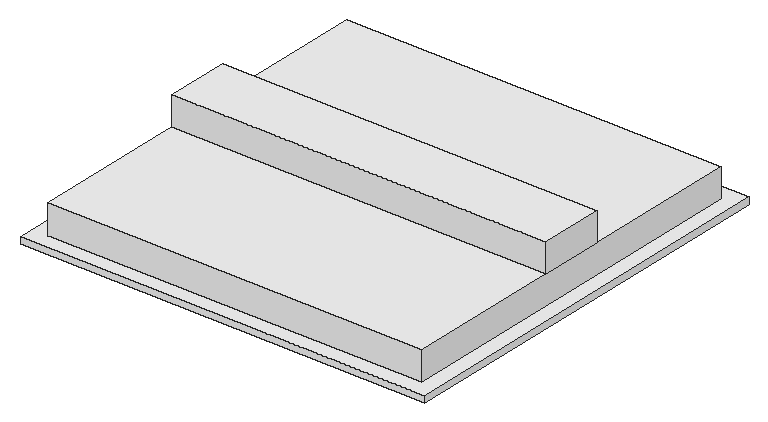
Revit family "DiLED III - Generic_3", category Lighting Fixtures, Revit 2012
Parameters (values of type "600x600 - 4000K")
  Wattage Comments = ""
  Wattage = 42 W
  built-in parameter 1150110 = 1 (stored number, unit not read)
  Voids Angle = 0.00°
  URL = "www.riegens.co.uk"
  Transformer Thickness = 42.40 mm
  Transformer Offset 2 = 228.60 mm
  Transformer Offset 1 = 228.60 mm
  Transformer = Powdercoated Steel (White)
  built-in parameter 1114217 = 1 (stored number, unit not read)
  Tilt Angle = 90.00°
  built-in parameter 1150109 = 1 (stored number, unit not read)
  built-in parameter 1150134 = 12
  built-in parameter 1150113 = 1 (stored number, unit not read)
  Photometric Web File = "8246075749_DiLEDIIIG2600x600TL152442WLED4000KCDOpal-11016.ies"
  Model = "DiLED III"
  Manufacturer = "Riegens Lighting"
  built-in parameter 1150105 = 2211.6 (stored number, unit not read)
  Lumens = 6238.76 lm
  built-in parameter 1150115 = 1 (stored number, unit not read)
  built-in parameter 1150137 = (empty or 0)
  built-in parameter 1150139 = (empty or 0)
  built-in parameter 1150112 = 1 (stored number, unit not read)
  built-in parameter 1150114 = 1 (stored number, unit not read)
  Lamp = ""
  built-in parameter 1150132 = (empty or 0)
  built-in parameter 1150102 = (empty or 0)
  built-in parameter 1150107 = 4000 (stored number, unit not read)
  built-in parameter 1150138 = (empty or 0)
  built-in parameter 1150106 = 22.116 (stored number, unit not read)
  Glass Width = 549.00 mm
  Glass Thickness = 2.00 mm
  Glass Depth = 549.00 mm
  Glass = Lamp Glass (Opal)
  Frame Width = 595.00 mm
  Frame Thickness = 9.60 mm
  Frame Depth = 595.00 mm
  Frame = Powdercoated Steel (White)
  Emit from Rectangle Width = Frame Width  # 595.00 mm
  Emit from Rectangle Length = Frame Depth  # 595.00 mm
  Emit Shape Visible in Rendering = no
  built-in parameter 1150104 = 13.8 (stored number, unit not read)
  Dimming Lamp Color Temperature Shift = <None>
  Color Filter = 16777215
  Clearance Zones Offset = 60.00 mm
  Clearance Zones = no
  Cassette Width = 550.00 mm
  Cassette Thickness = 42.40 mm
  Cassette Depth = 550.00 mm
  Cassette = Powdercoated Steel (White)
  built-in parameter 1114218 = 1 (stored number, unit not read)
  built-in parameter 1150133 = 10 (stored number, unit not read)
  Assembly Code = "D5020200"
  Apparent Load = 240 VA
Types (9, lengths in mm): name | Voids Angle | Transformer Thickness | Transformer Offset 2 | Transformer Offset 1 | built-in parameter 1150134 | Photometric Web File | Manufacturer | built-in parameter 1150105 | built-in parameter 1150107 | built-in parameter 1150106 | Glass Width | Glass Depth | Frame Width | Frame Thickness | Frame Depth | Emit from Rectangle Width | Emit from Rectangle Length | Clearance Zones | Cassette Width | Cassette Thickness | Cassette Depth
  (no name) | 0.00° | 42.40 | 228.60 | 228.60 | 12 | "8246075749_DiLEDIIIG2600x600TL152442WLED4000KCDOpal-11016.ies" | "Riegens Lighting" | 2211.6 (stored number, unit not read) | 4000 (stored number, unit not read) | 22.116 (stored number, unit not read) | 549.00 | 549.00 | 595.00 | 9.60 | 595.00 | 595.00 | 595.00 | no | 550.00 | 42.40 | 550.00
  300x300 - 3000K | 0.00° | 38.00 | 146.80 | 0.00 | (empty or 0) | "8246075684_DiLEDIIIG2600x600TL152442WLED3000KCDOpal-11002.ies" | "Riegens Lighting" | 496.46 (stored number, unit not read) | 3000 (stored number, unit not read) | 4.9646 (stored number, unit not read) | 272.00 | 272.00 | 295.00 | 10.00 | 295.00 | 295.00 | 295.00 | yes | 276.00 | 38.75 | 276.00
  300x1200 - 3000K | 33.00° | 36.00 | 275.00 | 275.00 | (empty or 0) | "8246075684_DiLEDIIIG2600x600TL152442WLED3000KCDOpal-11002.ies" | "Riegens Ligthing" | 2211.6 (stored number, unit not read) | 3000 (stored number, unit not read) | 22.116 (stored number, unit not read) | 247.00 | 1147.00 | 295.00 | 9.55 | 1195.00 | 295.00 | 1195.00 | yes | 274.00 | 40.20 | 1150.00
  625x625 - 3000K | 0.00° | 42.40 | 229.00 | 229.00 | (empty or 0) | "8246075684_DiLEDIIIG2600x600TL152442WLED3000KCDOpal-11002.ies" | "Riegens Lighting" | 2211.6 (stored number, unit not read) | 3000 (stored number, unit not read) | 22.116 (stored number, unit not read) | 550.00 | 550.00 | 620.00 | 9.60 | 620.00 | 620.00 | 620.00 | yes | 550.00 | 42.40 | 550.00
  600x600 - 3000K | 0.00° | 42.40 | 228.60 | 228.60 | (empty or 0) | "8246075684_DiLEDIIIG2600x600TL152442WLED3000KCDOpal-11002.ies" | "Riegens Ligthing" | 2211.6 (stored number, unit not read) | 3000 (stored number, unit not read) | 22.116 (stored number, unit not read) | 549.00 | 549.00 | 595.00 | 9.60 | 595.00 | 595.00 | 595.00 | yes | 550.00 | 42.40 | 550.00
  300x300 - 4000K | 0.00° | 38.00 | 146.80 | 0.00 | 12 | "8246075749_DiLEDIIIG2600x600TL152442WLED4000KCDOpal-11016.ies" | "Riegens Lighting" | 2211.6 (stored number, unit not read) | 4000 (stored number, unit not read) | 22.116 (stored number, unit not read) | 272.00 | 272.00 | 295.00 | 10.00 | 295.00 | 295.00 | 295.00 | yes | 276.00 | 38.75 | 276.00
  300x1200 - 4000K | 33.00° | 36.00 | 275.00 | 275.00 | 12 | "8246075749_DiLEDIIIG2600x600TL152442WLED4000KCDOpal-11016.ies" | "Riegens Lighting" | 2211.6 (stored number, unit not read) | 4000 (stored number, unit not read) | 22.116 (stored number, unit not read) | 247.00 | 1147.00 | 295.00 | 9.55 | 1195.00 | 295.00 | 1195.00 | yes | 274.00 | 40.20 | 1150.00
  600x600 - 4000K | 0.00° | 42.40 | 228.60 | 228.60 | 12 | "8246075749_DiLEDIIIG2600x600TL152442WLED4000KCDOpal-11016.ies" | "Riegens Lighting" | 2211.6 (stored number, unit not read) | 4000 (stored number, unit not read) | 22.116 (stored number, unit not read) | 549.00 | 549.00 | 595.00 | 9.60 | 595.00 | 595.00 | 595.00 | no | 550.00 | 42.40 | 550.00
  625x625 - 4000K | 0.00° | 42.40 | 229.00 | 229.00 | 12 | "8246075749_DiLEDIIIG2600x600TL152442WLED4000KCDOpal-11016.ies" | "Riegens Lighting" | 2211.6 (stored number, unit not read) | 4000 (stored number, unit not read) | 22.116 (stored number, unit not read) | 550.00 | 550.00 | 620.00 | 9.60 | 620.00 | 620.00 | 620.00 | yes | 550.00 | 42.40 | 550.00
Reference planes
  plane 1 "Tilt Plane": y = 0
  plane 2: z = 0
  plane 3 "Light Source Axis (L/R)": x = 0
  plane 4 "Light Source Elevation": z = 1370.975
  plane 5: z = 1380.575
  plane 6: z = 1422.975
  plane 7: z = 1465.375
  plane 8: x = 297.5
  plane 9: x = -297.5
  plane 10: x = -275
  plane 11: x = 275
  plane 12: y = -297.5
  plane 13: y = -275
  plane 14: y = 275
  plane 15: y = -46.4
  plane 16: y = 46.4
  plane 17: y = 297.5
  plane 18: z = 1372.975
  plane 19: x = -274.5
  plane 20: x = 274.5
  plane 21: y = -274.5
  plane 22: y = 274.5
  plane 23: z = 1525.375
Forms (mm)
  Extrusion 1, solid, material "Powdercoated Steel (White)" <- "Frame"
    sketch origin (0, 0, 1380.575) x (0, -1, 0) y (1, 0, 0)
      loop
        line (-297.5, -297.5) -> (297.5, -297.5) -> (297.5, 297.5) -> (-297.5, 297.5) -> (-297.5, -297.5)
    from 0 to -9.6
  Extrusion 2, solid, material "Powdercoated Steel (White)" <- "Frame"
    sketch origin (0, 0, 1380.575) x (0, -1, 0) y (-1, 0, 0)
      loop
        line (275, 275) -> (-275, 275) -> (-275, -275) -> (275, -275) -> (275, 275)
    from 0 to -42.4
  Extrusion 3, solid, material "Powdercoated Steel (White)" <- "Frame"
    sketch origin (5, 14.25, 1410.975) x (0, -1, 0) y (1, 0, 0)
      loop
        line (60.65, -280) -> (60.65, 270) -> (-32.15, 270) -> (-32.15, -280) -> (60.65, -280)
    from 12 to 54.4
  Extrusion 4, void
    sketch origin (0, 0, 0) x (1, 0, 0) y (0, 1, 0)
      loop
        line (274.5, 274.5) -> (-274.5, 274.5) -> (-274.5, -274.5) -> (274.5, -274.5) -> (274.5, 274.5)
    from 1370.975 to 1372.975
  Extrusion 5, solid, material "Lamp Glass (Opal)" <- "Glass"
    sketch origin (0, 0, 0) x (1, 0, 0) y (0, 1, 0)
      loop
        line (-274.5, -274.5) -> (274.5, -274.5) -> (274.5, 274.5) -> (-274.5, 274.5) -> (-274.5, -274.5)
    from 1370.975 to 1372.975
  Extrusion 6, solid, visible <- "Clearance Zones"
    sketch origin (0, 0, 1370.975) x (0, -1, 0) y (1, 0, 0)
      loop
        line (297.5, 297.5) -> (-297.5, 297.5) -> (-297.5, -297.5) -> (297.5, -297.5) -> (297.5, 297.5)
    from 0 to 154.4
  Extrusion 7, void
    sketch origin (275, 275, 1380.575) x (0, 1, 0) y (0, 0, -1)
      loop
        line (0, -42.4) -> (22.5, -42.4) -> (22.5, 0) -> (0, 0) -> (0, -42.4)
    from 0 to 550 <- "Cassette Width"
  Extrusion 8, void
    sketch origin (275, 275, 1380.575) x (0, 1, 0) y (0, 0, -1)
      loop
        line (-572.5, 0) -> (-572.5, -42.4) -> (-550, -42.4) -> (-550, 0) -> (-572.5, 0)
    from 0 to 550 <- "Cassette Width"
Cuts and joins
  Extrusion 4, Extrusion 8 cuts Extrusion 1
  Extrusion 7, Extrusion 8 cuts Extrusion 2
Lines and regions (mm)
  symbolic lines
    curve 1: line (-297.5, 297.5, 0) -> (297.5, 297.5, 0)
    curve 2: line (-297.5, -297.5, 0) -> (-297.5, 297.5, 0)
    curve 3: line (297.5, -297.5, 0) -> (-297.5, -297.5, 0)
    curve 4: line (297.5, 297.5, 0) -> (297.5, -297.5, 0)
    curve 5: line (-297.5, 297.5, 0) -> (297.5, -297.5, 0)
    curve 6: line (297.5, 297.5, 0) -> (-297.5, -297.5, 0)
Text (mm)
  text "0 Tilt Angle" at (809.978, -4572, 1586.413), in view "Front"
  text "270" at (-331.585, -4572, 2488.248), in view "Front"
  text "180" at (-1130.68, -4572, 1586.413), in view "Front"
  text "90" at (-1130.68, -4572, 186.89), in view "Front"
  text "0 Tilt Angle" at (1952.354, 4572, 1542.98), in view "Back"
  text "180" at (-876.627, 4572, 1524.796), in view "Back"
  text "270" at (367.014, 4572, 2698.908), in view "Back"
  text "90" at (304.215, 4572, 666.926), in view "Back"
Dimensions and locks
  equal spacing: plane 9, plane 3 "Light Source Axis (L/R)", plane 8
  "Frame Width": plane 9 to plane 8
  equal spacing: plane 10, plane 3 "Light Source Axis (L/R)", plane 11
  "Cassette Width": plane 10 to plane 11
  equal spacing: plane 12, plane 1 "Tilt Plane", plane 17
  "Frame Depth": plane 12 to plane 17
  equal spacing: plane 13, plane 1 "Tilt Plane", plane 14
  "Cassette Depth": plane 13 to plane 14
  "Frame Thickness": plane 5 to plane 4 "Light Source Elevation"
  "Transformer Offset 2": plane 16 to plane 14
  "Transformer Offset 1": plane 13 to plane 15
  "Glass Thickness": plane 18 to plane 4 "Light Source Elevation"
  "Cassette Thickness": plane 6 to plane 5
  "Transformer Thickness": plane 7 to plane 6
  "Clearance Zones Offset": plane 23 to plane 7
  equal spacing: plane 19, plane 3 "Light Source Axis (L/R)", plane 20
  "Glass Width": plane 19 to plane 20
  equal spacing: plane 21, plane 1 "Tilt Plane", plane 22
  "Glass Depth": plane 21 to plane 22
  "Voids Angle": angle plane 14 to Extrusion 7 sketch curve
  "Voids Angle": angle Extrusion 8 sketch curve to plane 13
  aligned and locked: plane 2 to level
  aligned and locked: Extrusion 1 to plane 17
  aligned and locked: Extrusion 1 to plane 8
  aligned and locked: plane 12 to Extrusion 1
  aligned and locked: plane 9 to Extrusion 1
  aligned and locked: plane 15 to Extrusion 3
  aligned and locked: plane 10 to Extrusion 3
  aligned and locked: Extrusion 3 to plane 11
  aligned and locked: Extrusion 3 to plane 16
  aligned and locked: plane 4 "Light Source Elevation" to Extrusion 1
  aligned and locked: plane 5 to Extrusion 1
  aligned and locked: Extrusion 2 to plane 5
  aligned and locked: plane 6 to Extrusion 2
  aligned and locked: Extrusion 3 to plane 6
  aligned and locked: plane 7 to Extrusion 3
  aligned and locked: Extrusion 2 to plane 14
  aligned and locked: plane 10 to Extrusion 2
  aligned and locked: plane 13 to Extrusion 2
  aligned and locked: Extrusion 2 to plane 11
  aligned and locked: Extrusion 4 sketch curve to plane 22
  aligned and locked: Extrusion 4 sketch curve to plane 19
  aligned and locked: Extrusion 4 sketch curve to plane 21
  aligned and locked: Extrusion 4 sketch curve to plane 20
  aligned and locked: plane 18 to Extrusion 4
  aligned and locked: plane 4 "Light Source Elevation" to Extrusion 4
  aligned and locked: Extrusion 5 sketch curve to plane 19
  aligned and locked: Extrusion 5 sketch curve to plane 20
  aligned and locked: Extrusion 5 sketch curve to plane 21
  aligned and locked: Extrusion 5 sketch curve to plane 22
  aligned and locked: plane 18 to Extrusion 5
  aligned and locked: plane 4 "Light Source Elevation" to Extrusion 5
  aligned and locked: plane 12 to Extrusion 6 sketch curve
  aligned and locked: plane 8 to Extrusion 6 sketch curve
  aligned and locked: plane 17 to Extrusion 6 sketch curve
  aligned and locked: plane 9 to Extrusion 6 sketch curve
  aligned and locked: plane 23 to Extrusion 6
  aligned and locked: plane 4 "Light Source Elevation" to Extrusion 6
  aligned and locked: Extrusion 2 to Extrusion 7 sketch curve
  aligned and locked: plane 5 to Extrusion 7 sketch curve
  aligned and locked: plane 17 to Extrusion 7 sketch curve
  aligned and locked: Extrusion 6 to Extrusion 8 sketch curve
  aligned and locked: plane 5 to Extrusion 8 sketch curve
  aligned and locked: plane 6 to Extrusion 8 sketch curve
  aligned and locked: plane 17 to curve 1
  aligned and locked: plane 8 to curve 4
  aligned and locked: curve 3 to plane 12
  aligned and locked: curve 2 to plane 9
  aligned and locked: curve 6 to Extrusion 6  (x2)
Automatic sketch dimensions
  Extrusion 1 sketch curve to plane 8 = 0.00 mm
  plane 17 to Extrusion 1 sketch curve = 0.00 mm
  Extrusion 1 sketch curve to plane 9 = 0.00 mm
  plane 12 to Extrusion 1 sketch curve = 0.00 mm
  Extrusion 2 sketch curve to plane 10 = 0.00 mm
  plane 14 to Extrusion 2 sketch curve = 0.00 mm
  Extrusion 2 sketch curve to plane 11 = 0.00 mm
  plane 13 to Extrusion 2 sketch curve = 0.00 mm
  Extrusion 3 sketch curve to plane 10 = 0.00 mm
  plane 16 to Extrusion 3 sketch curve = 0.00 mm
  plane 15 to Extrusion 3 sketch curve = 0.00 mm
  Extrusion 3 sketch curve to plane 11 = 0.00 mm
  Extrusion 7 sketch curve to Extrusion 2 = 0.00 mm
  Extrusion 8 sketch curve to Extrusion 2 = 0.00 mm
Connectors
  electrical at (0, 46.4, 1444.175)
    settings: on Extrusion 3, index 1, voltage 240 V, apparent load 0 VA, apparent load phase1 0 VA, apparent load phase2 0 VA, apparent load phase3 0 VA, power factor 1, load classification "Other", number of poles 1, system type 31, power factor state 1, is connector primary yes, connector utility no, sub classification motor no, connector description ""
